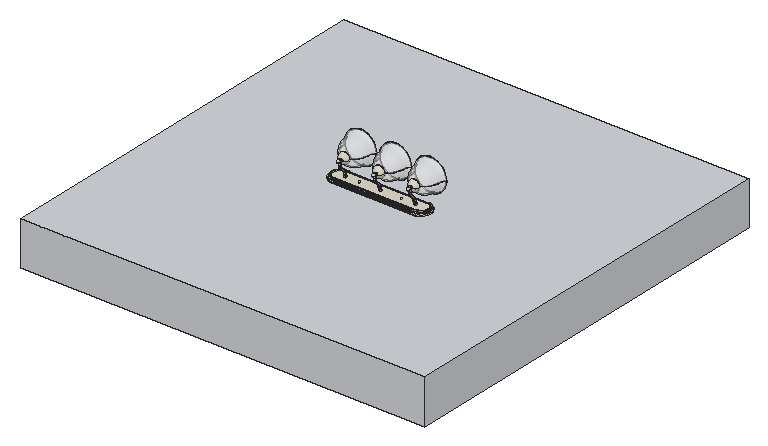
Revit family "P3268-09 3-100W MED BATH BRKT", category Lighting Fixtures, host Face, Revit 2012
Parameters (values of type "P3268-09 3-100W MED BATH BRKT")
  Wire Finish = Wire Finish
  Wattage Comments = "100 W"  # constant formula
  URL = "http://www.progresslighting.com/"
  Product Page URL = "https://progresslighting.com/products.aspx?product=P3268-09"
  Product Documentation Link = "https://progresslighting.com/SpecSheets/P3268.pdf"
  Model = "P3268-09"  # constant formula
  Manufacturer Phone = "(864)-678-1000"  # constant formula
  Manufacturer Fax = "(864)-678-1065"  # constant formula
  Manufacturer = "Progress Lighting"  # constant formula
  Lamp = "Three Lamps"  # constant formula
  Glass = Ethed Albastor Glass Shade
  Family = "Avalon"  # constant formula
  Description = " Three-light bath bracket with swirled alabaster glass."  # constant formula
  Default Elevation = 48"
  Back Plate = Brushed Nickel
Reference planes (in)
  plane 1 "Center (Front/Back)": y = 0
  plane 2: z = -1.5
  plane 3 "Center (Left/Right)": x = 0
  plane 4: z = -0.5
  plane 5: z = -0.71847
  plane 6: x = -12
  plane 7: x = 12
  plane 8: y = 3.5
  plane 9: z = 0.75
  plane 10: z = 8.75
  plane 11: z = 1
  plane 12: z = 0.78942
  plane 13: z = 4.81057
  plane 14: y = -3.5
  plane 15: x = -8.28817
  plane 16: y = -1
  plane 17: y = -1.19451
  plane 18: y = 1.23709
  plane 19: x = 5.11918
  plane 20: x = -0.00996
  plane 21: y = -1.19451
  plane 22: x = 8.28817
  plane 23: y = -1
  plane 24: y = -1.19451
Forms (in)
  Extrusion 1, solid
    sketch origin (0, 0, 0) x (1, 0, 0) y (0, 1, 0)
      loop
        line (-48, 48) -> (-48, -48) -> (48, -48) -> (48, 48) -> (-48, 48)
    from -1.5 to -12
  Sweep 2, solid, material "Brushed Nickel" <- "Back Plate"
    path origin (-0.00394, -1.19491, 0) x (0, -1, 0) y (1, 0, 0)
      loop
        line (-2.432, 9.61319) -> (-2.432, -9.60531)
        arc (-2.432, -9.60531) -> (-0.06345, -11.97386) -> (2.30509, -9.60531) r 2.36855
        line (2.30509, -9.60531) -> (2.30509, 9.61319)
        arc (2.30509, 9.61319) -> (-0.06345, 11.98173) -> (-2.432, 9.61319) r 2.36855
    profile origin (0, 1.23709, 0) x (0, -1, 0) y (0, 0, 1)
      loop
        line (0, 0) -> (0.64198, 0) -> (0.64198, 0.75) -> (0.59807, 0.75) -> (0.52599, 0.75) -> (0.52599, 0.54033) -> (0.3856, 0.54033) -> (0.30544, 0.54033)
        arc (0.30544, 0.54033) -> (0.25179, 0.51811) -> (0.22957, 0.46447) r 0.07587
        line (0.22957, 0.46447) -> (0.22957, 0.34596) -> (0.08284, 0.34596)
        arc (0.08284, 0.34596) -> (0.02595, 0.32339) -> (0, 0.26794) r 0.08299
        line (0, 0.26794) -> (0, 0)
  Extrusion 3, solid, material "Brushed Nickel" <- "Back Plate"
    sketch origin (-4.94955, -1.19452, 0) x (0, -1, 0) y (1, 0, 0)
      loop
        circle (0, 0) r 0.16078
    from 0.75 to 0.78942
  Revolve 4, solid, material "Brushed Nickel" <- "Back Plate"
    sketch origin (-4.94955, -1.19452, 0) x (0, -1, 0) y (0, 0, 1)
      loop
        line (0, 0.98616) -> (0, 0.70425)
        arc (0, 0.70425) -> (0.14095, 0.8452) -> (0, 0.98616) r 0.14095
      axis (0, 0.98616) -> (0, 0.70425)
    angle from 0 to 360
  Sweep 5, solid, material "Brushed Nickel" <- "Back Plate"
    path origin (0, 0.52284, -0.28064) x (0, 1, 0) y (0, 0, 1)
      loop
        arc (-3.30463, 5.12244) -> (-3.38713, 4.79533) -> (-3.40714, 4.45858) r 1.80008
        arc (-3.40714, 4.45858) -> (-3.35474, 4.08516) -> (-3.2257, 3.73086) r 1.80008
        arc (-3.2257, 3.73086) -> (-3.03492, 3.43721) -> (-2.77886, 3.19834) r 1.43917
        arc (-2.77886, 3.19834) -> (-2.22425, 2.62396) -> (-1.89901, 1.89476) r 2.30375
        arc (-1.89901, 1.89476) -> (-1.79941, 1.46435) -> (-1.71534, 1.03064) r 12.29458
    profile origin (0, -2.8319, 3.80452) x (0, 0.970296, 0.241922) y (1, 0, 0)
      loop
        circle (0, -8.28817) r 0.14
  Extrusion 6, solid, material "Brushed Nickel" <- "Back Plate"
    sketch origin (-8.29906, 0.54053, 0) x (1, 0, 0) y (0, 1, 0)
      loop
        circle (0.00973, -1.73433) r 0.16
    from 0.75 to 0.78942
  Sweep 7, solid, material "Wire Finish" <- "Wire Finish"
    path origin (-8.28324, -1.01892, -0.43073) x (1, 0, 0) y (0, 0.173648, 0.984808)
      loop
        line (0.20189, 4.81057) -> (0.20189, 5.02384)
        arc (0.20189, 5.02384) -> (-0.00726, 5.23298) -> (-0.21641, 5.02384) r 0.20915
        line (-0.21641, 5.02384) -> (-0.21641, 4.81057)
    profile origin (-8.49964, -0.16506, 4.41178) x (1, 0, 0) y (0, -0.984808, 0.173648)
      loop
        circle (0, 2.72367) r 0.05859
  Sweep 8, solid, material "Wire Finish" <- "Wire Finish"
    path origin (-8.29048, 0.48492, -0.02458) x (0, 1, 0) y (0, 0, 1)
      loop
        arc (-3.34604, 4.82343) -> (-3.38599, 4.35205) -> (-3.34604, 3.88067) r 2.80106
        arc (-3.34604, 3.88067) -> (-3.17636, 3.40439) -> (-2.85508, 3.01398) r 1.46729
        arc (-2.85508, 3.01398) -> (-2.54996, 2.7313) -> (-2.26729, 2.42619) r 5.45092
        arc (-2.26729, 2.42619) -> (-2.06596, 2.13666) -> (-1.92711, 1.81249) r 1.74078
        arc (-1.92711, 1.81249) -> (-1.78518, 1.29778) -> (-1.67871, 0.77458) r 7.81758
    profile origin (-8.29048, -2.90107, 4.32748) x (1, 0, 0) y (0, 1, 0)
      loop
        circle (0.20855, 0) r 0.05722
  Sweep 9, solid, material "Wire Finish" <- "Wire Finish"
    path origin (-8.28585, 0.48492, -0.02458) x (0, 1, 0) y (0, 0, -1)
      loop
        arc (-3.34604, -4.82343) -> (-3.38599, -4.35205) -> (-3.34604, -3.88067) r 2.80106
        arc (-3.34604, -3.88067) -> (-3.17636, -3.40439) -> (-2.85508, -3.01398) r 1.46729
        arc (-2.85508, -3.01398) -> (-2.54996, -2.7313) -> (-2.26729, -2.42619) r 5.45092
        arc (-2.26729, -2.42619) -> (-2.06596, -2.13666) -> (-1.92711, -1.81249) r 1.74078
        arc (-1.92711, -1.81249) -> (-1.78518, -1.29778) -> (-1.67871, -0.77458) r 7.81758
    profile origin (-8.28585, -2.90107, 4.32748) x (-1, 0, 0) y (0, -1, 0)
      loop
        circle (0.20855, 0) r 0.05722
  Extrusion 10, solid, material "Brushed Nickel" <- "Back Plate"
    sketch origin (0, 0, 0) x (1, 0, 0) y (0, 1, 0)
      loop
        arc (-9.60925, 0.59511) -> (-11.33581, -1.13145) -> (-9.60925, -2.85802) r 1.72656
        line (-9.60925, -2.85802) -> (9.60925, -2.85802)
        arc (9.60925, -2.85802) -> (11.33581, -1.13145) -> (9.60925, 0.59511) r 1.72656
        line (9.60925, 0.59511) -> (-9.60925, 0.59511)
    from 0 to 0.75
  Sweep 11, solid, material "Wire Finish" <- "Wire Finish"
    path origin (0.35099, 0.03396, 0) x (1, 0, 0) y (0, 1, 0)
      loop
        arc (9.25826, -3.00797) -> (11.10081, -1.16542) -> (9.25826, 0.67713) r 1.84255
        line (9.25826, 0.67713) -> (-9.96024, 0.67713)
        arc (-9.96024, 0.67713) -> (-11.80279, -1.16542) -> (-9.96024, -3.00797) r 1.84255
        line (-9.96024, -3.00797) -> (9.25826, -3.00797)
    profile origin (11.4518, -1.13145, 0) x (-1, 0, 0) y (0, 0, 1)
      loop
        arc (0, 0.74897) -> (-0.13004, 0.71217) -> (-0.18658, 0.58943) r 0.1615
        line (-0.18658, 0.58943) -> (-0.18658, 0.54033) -> (0, 0.54033) -> (0, 0.74897)
  Sweep 12, solid, material "Brushed Nickel" <- "Back Plate"
    path origin (-5.12914, 0.52284, -0.28064) x (0, 1, 0) y (0, 0, -1)
      loop
        arc (-3.30463, -5.12244) -> (-3.38713, -4.79533) -> (-3.40714, -4.45858) r 1.80008
        arc (-3.40714, -4.45858) -> (-3.35474, -4.08516) -> (-3.2257, -3.73086) r 1.80008
        arc (-3.2257, -3.73086) -> (-3.03492, -3.43721) -> (-2.77886, -3.19834) r 1.43917
        arc (-2.77886, -3.19834) -> (-2.22425, -2.62396) -> (-1.89901, -1.89476) r 2.30375
        arc (-1.89901, -1.89476) -> (-1.79941, -1.46435) -> (-1.71534, -1.03064) r 12.29458
    profile origin (-5.12914, -2.8319, 3.80452) x (0, -0.970296, -0.241922) y (-1, 0, 0)
      loop
        circle (0, -5.11918) r 0.14
  Extrusion 13, solid, material "Brushed Nickel" <- "Back Plate"
    sketch origin (0.00093, 0.54053, 0) x (-1, 0, 0) y (0, -1, 0)
      loop
        circle (0.00973, 1.73433) r 0.16
    from 0.75 to 0.78942
  Sweep 14, solid, material "Wire Finish" <- "Wire Finish"
    path origin (-0.01489, -1.01892, -0.43073) x (-1, 0, 0) y (0, -0.173648, -0.984808)
      loop
        line (0.20189, -4.81057) -> (0.20189, -5.02384)
        arc (0.20189, -5.02384) -> (-0.00726, -5.23298) -> (-0.21641, -5.02384) r 0.20915
        line (-0.21641, -5.02384) -> (-0.21641, -4.81057)
    profile origin (0.20151, -0.16506, 4.41178) x (1, 0, 0) y (0, -0.984808, 0.173648)
      loop
        circle (0, 2.72367) r 0.05859
  Sweep 15, solid, material "Wire Finish" <- "Wire Finish"
    path origin (-0.00765, 0.48492, -0.02458) x (0, 1, 0) y (0, 0, -1)
      loop
        arc (-3.34604, -4.82343) -> (-3.38599, -4.35205) -> (-3.34604, -3.88067) r 2.80106
        arc (-3.34604, -3.88067) -> (-3.17636, -3.40439) -> (-2.85508, -3.01398) r 1.46729
        arc (-2.85508, -3.01398) -> (-2.54996, -2.7313) -> (-2.26729, -2.42619) r 5.45092
        arc (-2.26729, -2.42619) -> (-2.06596, -2.13666) -> (-1.92711, -1.81249) r 1.74078
        arc (-1.92711, -1.81249) -> (-1.78518, -1.29778) -> (-1.67871, -0.77458) r 7.81758
    profile origin (-0.00765, -2.90107, 4.32748) x (-1, 0, 0) y (0, -1, 0)
      loop
        circle (0.20855, 0) r 0.05722
  Sweep 16, solid, material "Wire Finish" <- "Wire Finish"
    path origin (-0.01228, 0.48492, -0.02458) x (0, 1, 0) y (0, 0, 1)
      loop
        arc (-3.34604, 4.82343) -> (-3.38599, 4.35205) -> (-3.34604, 3.88067) r 2.80106
        arc (-3.34604, 3.88067) -> (-3.17636, 3.40439) -> (-2.85508, 3.01398) r 1.46729
        arc (-2.85508, 3.01398) -> (-2.54996, 2.7313) -> (-2.26729, 2.42619) r 5.45092
        arc (-2.26729, 2.42619) -> (-2.06596, 2.13666) -> (-1.92711, 1.81249) r 1.74078
        arc (-1.92711, 1.81249) -> (-1.78518, 1.29778) -> (-1.67871, 0.77458) r 7.81758
    profile origin (-0.01228, -2.90107, 4.32748) x (1, 0, 0) y (0, 1, 0)
      loop
        circle (0.20855, 0) r 0.05722
  Revolve 17, solid, material "Brushed Nickel" <- "Back Plate"
    sketch origin (4.94955, -1.19452, 0) x (0, -1, 0) y (0, 0, -1)
      loop
        arc (0, -0.98616) -> (0.14095, -0.8452) -> (0, -0.70425) r 0.14095
        line (0, -0.70425) -> (0, -0.98616)
      axis (0, -0.98616) -> (0, -0.70425)
    angle from 0 to 360
  Sweep 18, solid, material "Brushed Nickel" <- "Back Plate"
    path origin (0, 0.52284, -0.28064) x (0, 1, 0) y (0, 0, -1)
      loop
        arc (-3.30463, -5.12244) -> (-3.38713, -4.79533) -> (-3.40714, -4.45858) r 1.80008
        arc (-3.40714, -4.45858) -> (-3.35474, -4.08516) -> (-3.2257, -3.73086) r 1.80008
        arc (-3.2257, -3.73086) -> (-3.03492, -3.43721) -> (-2.77886, -3.19834) r 1.43917
        arc (-2.77886, -3.19834) -> (-2.22425, -2.62396) -> (-1.89901, -1.89476) r 2.30375
        arc (-1.89901, -1.89476) -> (-1.79941, -1.46435) -> (-1.71534, -1.03064) r 12.29458
    profile origin (0, -2.8319, 3.80452) x (0, -0.970296, -0.241922) y (-1, 0, 0)
      loop
        circle (0, -8.28817) r 0.14
  Extrusion 19, solid, material "Brushed Nickel" <- "Back Plate"
    sketch origin (8.29906, 0.54053, 0) x (-1, 0, 0) y (0, -1, 0)
      loop
        circle (0.00973, 1.73433) r 0.16
    from 0.75 to 0.78942
  Sweep 20, solid, material "Wire Finish" <- "Wire Finish"
    path origin (8.28324, -1.01892, -0.43073) x (-1, 0, 0) y (0, -0.173648, -0.984808)
      loop
        line (0.20189, -4.81057) -> (0.20189, -5.02384)
        arc (0.20189, -5.02384) -> (-0.00726, -5.23298) -> (-0.21641, -5.02384) r 0.20915
        line (-0.21641, -5.02384) -> (-0.21641, -4.81057)
    profile origin (8.49964, -0.16506, 4.41178) x (1, 0, 0) y (0, -0.984808, 0.173648)
      loop
        circle (0, 2.72367) r 0.05859
  Sweep 21, solid, material "Wire Finish" <- "Wire Finish"
    path origin (8.29048, 0.48492, -0.02458) x (0, 1, 0) y (0, 0, -1)
      loop
        arc (-3.34604, -4.82343) -> (-3.38599, -4.35205) -> (-3.34604, -3.88067) r 2.80106
        arc (-3.34604, -3.88067) -> (-3.17636, -3.40439) -> (-2.85508, -3.01398) r 1.46729
        arc (-2.85508, -3.01398) -> (-2.54996, -2.7313) -> (-2.26729, -2.42619) r 5.45092
        arc (-2.26729, -2.42619) -> (-2.06596, -2.13666) -> (-1.92711, -1.81249) r 1.74078
        arc (-1.92711, -1.81249) -> (-1.78518, -1.29778) -> (-1.67871, -0.77458) r 7.81758
    profile origin (8.29048, -2.90107, 4.32748) x (-1, 0, 0) y (0, -1, 0)
      loop
        circle (0.20855, 0) r 0.05722
  Sweep 22, solid, material "Wire Finish" <- "Wire Finish"
    path origin (8.28585, 0.48492, -0.02458) x (0, 1, 0) y (0, 0, 1)
      loop
        arc (-3.34604, 4.82343) -> (-3.38599, 4.35205) -> (-3.34604, 3.88067) r 2.80106
        arc (-3.34604, 3.88067) -> (-3.17636, 3.40439) -> (-2.85508, 3.01398) r 1.46729
        arc (-2.85508, 3.01398) -> (-2.54996, 2.7313) -> (-2.26729, 2.42619) r 5.45092
        arc (-2.26729, 2.42619) -> (-2.06596, 2.13666) -> (-1.92711, 1.81249) r 1.74078
        arc (-1.92711, 1.81249) -> (-1.78518, 1.29778) -> (-1.67871, 0.77458) r 7.81758
    profile origin (8.28585, -2.90107, 4.32748) x (1, 0, 0) y (0, 1, 0)
      loop
        circle (0.20855, 0) r 0.05722
Lines and regions (in)
  model lines
    curve 1: line (7.15922, -2.85802, 0) -> (-0.00072, -2.85802, 0)
Dimensions and locks (in)
  locked: plane 2 to plane 4 at 1
  plane 4 to Extrusion 1 = 1"
  plane 2 to plane 5 to plane 4 = 0.78153", 0.21847"
  locked: plane 4 to plane 5 at 0.21847
  locked: plane 9 to plane 4 at 1.25
  plane 9 to Sweep 2 sketch curve = 0.20967"
  level to plane 9 = 3/4"
  locked: plane 10 to level at 8.75
  locked: plane 3 "Center (Left/Right)" to Extrusion 3 sketch curve at 4.94955
  locked: Extrusion 3 sketch curve to Extrusion 3 sketch curve
  level to plane 11 = 1"
  locked: plane 12 to plane 11 at 0.21058
  Extrusion 6 sketch curve to plane 1 "Center (Front/Back)" = 1.1938"  (x2)
  Extrusion 6 sketch curve to plane 3 "Center (Left/Right)" = 8.28933"
  plane 4 to Sweep 2 sketch curve to plane 9 = 0.76297" locked, 0.48703" locked
  locked: plane 11 to Revolve 4 sketch curve at 0.1548
  locked: Extrusion 3 sketch curve to plane 1 "Center (Front/Back)" at 1.19452
  plane 6 to plane 3 "Center (Left/Right)" = 12"
  plane 3 "Center (Left/Right)" to plane 7 = 12"
  plane 1 "Center (Front/Back)" to plane 8 = 3 1/2"
  locked: plane 14 to plane 1 "Center (Front/Back)" at 3.5
  plane 10 to level = 8 3/4"
  locked: plane 8 to plane 1 "Center (Front/Back)" at 3.5
  plane 16 to plane 8 = 4 1/2"
  plane 18 to Sweep 2 sketch curve = 0"
  locked: nested 2 to plane 6 at 12
  locked: nested 1 to plane 3 "Center (Left/Right)" at 8.29813
  locked: nested 3 to plane 3 "Center (Left/Right)" at 8.29813
  locked: nested 2 to curve 1 at 3.11778
  locked: curve 1 to nested 1 at 3.11778
  locked: nested 3 to curve 1 at 3.11778
  connector elem to curve 1 = 1.66272"
  locked: Sweep 2 to plane 24 at 2.30549
  locked: nested 2 to plane 19 at 5.11918
  locked: Revolve 17 sketch curve to Sweep 11 at 0.30487
  locked: plane 23 to Revolve 17 sketch curve at 0.19452
  aligned and locked: plane 2 to Extrusion 1
  aligned and locked: Sweep 2 sketch curve to profile plane
  aligned and locked: plane 9 to Sweep 2 sketch curve
  aligned and locked: Sweep 2 sketch curve to Sweep 2 sketch curve
  aligned and locked: Revolve 4 sketch curve to Revolve 4 sketch curve
  aligned and locked: Extrusion 3 to plane 12
  aligned and locked: Extrusion 3 to Extrusion 6
  aligned and locked: Sweep 2 sketch curve to plane 18
  aligned and locked: Sweep 2 sketch curve to plane 14
  aligned and locked: Sweep 11 sketch curve to Sweep 2  (x4)
  aligned and locked: Extrusion 10 sketch curve to Sweep 2  (x3)
  aligned and locked: Revolve 17 sketch curve to Revolve 17 sketch curve
Nested families (in)
  nested 1: "p3266 Lamp" at (-8.29813, 0.25976, 4.88799), type "p3266 Lamp"
  nested 2: "p3266 Lamp" at (0, 0.25976, 4.88799) x (-1, 0, 0) z (0, 0, 1), type "p3266 Lamp"
  nested 3: "p3266 Lamp" at (8.29813, 0.25976, 4.88799) x (-1, 0, 0) z (0, 0, 1), type "p3266 Lamp"
Connectors (in)
  electrical at (0, -1.1248, 0), driven by "Description"
    settings: on Sweep 2, index 1, voltage 0 V, apparent load 0 VA, apparent load phase1 0 VA, apparent load phase2 0 VA, apparent load phase3 0 VA, power factor 1, load classification "Other", number of poles 1, system type 30, power factor state 1, is connector primary yes, connector utility no, sub classification motor no, connector description " Three-light bath bracket with swirled alabaster glass."
Definition of nested family "p3266 Lamp"
  Parameters (values of type "p3266 Lamp")
    Wattage = 9.2903 W
    built-in parameter 1150110 = 1 (stored number, unit not read)
    built-in parameter 1114217 = 1 (stored number, unit not read)
    built-in parameter 1150109 = 1 (stored number, unit not read)
    built-in parameter 1150134 = 3
    built-in parameter 1150113 = 1 (stored number, unit not read)
    built-in parameter 1150105 = 109.82 (stored number, unit not read)
    Lumens = 1380 lm
    built-in parameter 1150115 = 1 (stored number, unit not read)
    Light Source Symbol Size = 4"
    built-in parameter 1150137 = (empty or 0)
    built-in parameter 1150139 = (empty or 0)
    built-in parameter 1150112 = 1 (stored number, unit not read)
    built-in parameter 1150114 = 1 (stored number, unit not read)
    built-in parameter 1150132 = (empty or 0)
    built-in parameter 1150102 = (empty or 0)
    built-in parameter 1150107 = 3200 (stored number, unit not read)
    built-in parameter 1150138 = (empty or 0)
    built-in parameter 1150106 = 1.0982 (stored number, unit not read)
    Glass = Ethed Albastor Glass Shade
    built-in parameter 1150104 = 13.8 (stored number, unit not read)
    Dimming Lamp Color Temperature Shift = (empty or 0)
    Color Filter = 16777215
    built-in parameter 1114218 = 1 (stored number, unit not read)
    Back Plate = Brushed Nickel
    built-in parameter 1150133 = 10 (stored number, unit not read)
  Reference planes (in)
    plane 1 "Center (Front/Back)": y = 0
    plane 2: z = 0
    plane 3 "Center (Left/Right)": x = 0
    plane 4: x = -3.875
    plane 5: y = 3.25
    plane 6: y = -3.25
    plane 7: x = 3.875
    plane 8: z = 3.875
    plane 9: y = -1
    plane 10: y = -2.25
    plane 11: y = -3.75
  Forms (in)
    Revolve 1, solid, material "Ethed Albastor Glass Shade" <- "Glass"
      sketch origin (0, -0.51354, 0) x (1, 0, 0) y (0, 1, 0)
        loop
          line (3.875, 3.71134) -> (3.875, 3.7439)
          arc (3.875, 3.7439) -> (3.86925, 3.75779) -> (3.85536, 3.76354) r 0.01964
          line (3.85536, 3.76354) -> (3.64166, 3.76354)
          spline (3.64166, 3.76354) -> (3.24099, 3.23713) -> (3.03059, 2.78568) -> (2.9435, 2.39437) -> (2.90276, 2.0486) -> (2.86273, 1.71241) -> (2.80633, 1.37286) -> (2.71736, 1.01764) -> (2.57945, 0.63398) -> (2.37522, 0.23382) -> (2.08413, -0.15767) -> (1.68204, -0.51551) -> (1.14161, -0.81571)
          line (1.14161, -0.81571) -> (1.21931, -1)
          spline (1.21931, -1) -> (1.81159, -0.67592) -> (2.25676, -0.28489) -> (2.57939, 0.14268) -> (2.80406, 0.57634) -> (2.95511, 0.98707) -> (3.05299, 1.36738) -> (3.11515, 1.72668) -> (3.15893, 2.07482) -> (3.20215, 2.42187) -> (3.2858, 2.78757) -> (3.48437, 3.20576) -> (3.875, 3.71134)
        axis (0, -1) -> (0, 3.76354)
      angle from 0 to 360
    Revolve 2, solid, material "Brushed Nickel" <- "Back Plate"
      sketch origin (0, -0.51354, 0) x (1, 0, 0) y (0, 1, 0)
        loop
          line (1.21931, -1) -> (0, -1) -> (0, -3.25)
          arc (0, -3.25) -> (0.25598, -3.04467) -> (0.11109, -2.75023) r 0.26223
          line (0.11109, -2.75023) -> (0.20689, -2.75023)
          arc (0.20689, -2.75023) -> (0.21962, -2.73171) -> (0.20689, -2.71318) r 0.01984
          arc (0.20689, -2.71318) -> (0.17279, -2.53195) -> (0.20689, -2.35073) r 0.49872
          arc (0.20689, -2.35073) -> (0.22723, -2.3423) -> (0.23566, -2.32195) r 0.02878
          arc (0.23566, -2.32195) -> (0.27624, -2.29748) -> (0.28176, -2.25043) r 0.05383
          arc (0.28176, -2.25043) -> (0.95201, -1.88836) -> (1.21931, -1.175) r 1.08556
          line (1.21931, -1.175) -> (1.21931, -1)
        axis (0, -1) -> (0, -3.25)
      angle from 0 to 360
  Dimensions and locks (in)
    locked: plane 4 to plane 3 "Center (Left/Right)" at 3.875
    locked: plane 5 to plane 1 "Center (Front/Back)" at 3.25
    locked: plane 6 to plane 1 "Center (Front/Back)" at 3.25
    locked: plane 7 to plane 3 "Center (Left/Right)" at 3.875
    locked: plane 8 to plane 2 at 3.875
    locked: plane 5 to plane 9 at 4.25
    plane 6 to plane 5 = 6 1/2"
    Revolve 2 sketch curve to plane 1 "Center (Front/Back)" = 1.51354"
    Revolve 2 sketch curve to plane 4 = 5.09431"
    plane 9 to Revolve 2 sketch curve = 0.68854"
    Revolve 2 sketch curve to plane 6 = 0.25131"
    plane 10 to Revolve 2 sketch curve = 0.79549"
    plane 10 to Revolve 2 sketch curve = 0.73646"
    locked: plane 5 to plane 11 at 7
    aligned and locked: plane 2 to level
    aligned and locked: Revolve 2 sketch curve to plane 3 "Center (Left/Right)"  (x2)
    aligned and locked: plane 5 to Revolve 1 sketch curve
